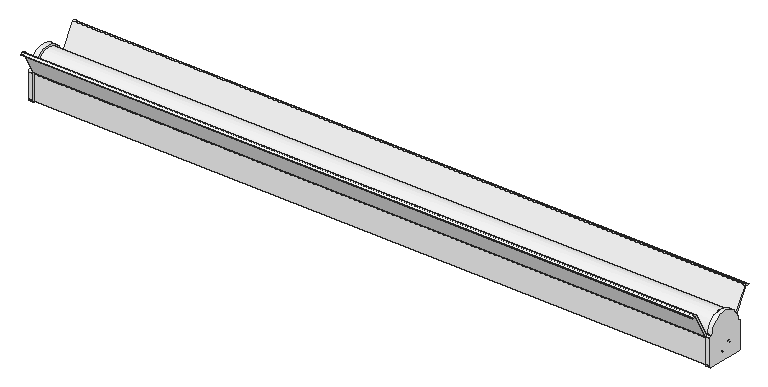
Revit family "0045178+0045233 Feilo Sylvania Lighting Fixture SYLBATTEN LED3 WW TP3 with SYMMETRIC REFLECTOR ACCESSORY 1200MM", category Lighting Fixtures, host Face, Revit 2017
Family settings
  Host = Face
  Round Connector Dimension = Use Diameter
  Part Type = Normal
  OmniClass Number = 23.80.70.00
  OmniClass Title = Lighting
  Cut with Voids When Loaded = No
  Light Source = Yes
  Shared = No
  Room Calculation Point = No
Parameters (values of type "0045178 SYLBATTEN LED3 WW TP3")
  Width_FEILO = 66 mm
  Weight = "2.57 kg"
  Wattage Comments = "n/a"
  Wattage = 26 W
  WarrantyStartDate [instance] = "n/a"
  WarrantyGuarantorParts = "n/a"
  WarrantyDurationUnit = "n/a"
  WarrantyDurationParts = "n/a"
  WarrantyDescription = "n/a"
  built-in parameter 1150110 = 1 (stored number, unit not read)
  Voltage = 230 V
  URL = "http://www.sylvania-lighting.com"
  TypeName = "SYLBATTEN LED3 WW TP3"
  Type Image = <None>
  Type Comments = "n/a"
  built-in parameter 1114217 = 1 (stored number, unit not read)
  Tilt Angle = -90.00°
  built-in parameter 1150109 = 1 (stored number, unit not read)
  built-in parameter 1150134 = (empty or 0)
  SymReflector_FEILO = yes
  built-in parameter 1150113 = 1 (stored number, unit not read)
  SerialNumber [instance] = "n/a"
  PowerFactor = 0
  PowerConsumption = "26 W"
  Photometric Web File = "0045178+0045233.ies"
  NominalLength = 1205 mm
  NominalHeight = 91 mm
  NominalDepth = 122 mm
  Name = "SYLBATTEN LED3 WW TP3"
  ModelReference = Name  # "SYLBATTEN LED3 WW TP3"
  ModelNumber = "0045178"
  Model = Name  # "SYLBATTEN LED3 WW TP3"
  Material_4_FEILO = Reflector-Sylvania-Sylbatten-White
  Material_3_FEILO = Diffuser-Sylvania-Sylbatten-Glow
  Material_2_FEILO = Body-Sylvania-Sylbatten-White
  Material_1_FEILO = Body-Sylvania-Sylbatten-White
  Material = "sheet steel housing, polycarbonate diffuser"
  ManufacturerName = "Feilo Sylvania"
  Manufacturer = "Feilo Sylvania"
  LuminousEfficacy = "94.07 lm/W"
  built-in parameter 1150105 = 194.63 (stored number, unit not read)
  Lumens = 2445.82 lm
  LuminaireType = ""
  built-in parameter 1150115 = 1 (stored number, unit not read)
  LightOutputRatio = "100"
  built-in parameter 1150137 = (empty or 0)
  built-in parameter 1150139 = (empty or 0)
  Length_FEILO = 1205 mm
  LampsType = Lamp  # "LED"
  LampNominalLuminous = "2446 lm"
  LampMacAdamStep = "n/a"
  LampColourTemperature = "3000 K"
  LampColourRenderingIndex = "80"
  built-in parameter 1150112 = 1 (stored number, unit not read)
  built-in parameter 1150114 = 1 (stored number, unit not read)
  Lamp = "LED"
  Keynote = "16500"
  InstallationDate [instance] = "n/a"
  InputVoltage = "220-240V~"
  InputNominalFrequency = "n/a"
  built-in parameter 1150132 = (empty or 0)
  built-in parameter 1150102 = (empty or 0)
  built-in parameter 1150107 = 3000 (stored number, unit not read)
  built-in parameter 1150138 = (empty or 0)
  IngressProtection = "IP20"
  ImpactProtectionIndex = "IK07"
  built-in parameter 1150106 = 1.9463 (stored number, unit not read)
  IfcExportType = "IfcLightFixtureType"
  IfcExportAs = "IfcLightFixtureType"
  Height_FEILO = 76 mm
  ExpectedLife = 50000
  Emit from Rectangle Width = Length_FEILO - 16 mm  # 1189 mm
  Emit from Rectangle Length = Width_FEILO - 40 mm  # 26 mm
  Emit Shape Visible in Rendering = no
  ElectricShockClassification = "Class I"
  built-in parameter 1150104 = 8.7394 (stored number, unit not read)
  DurationUnit = "hours"
  DocumentationLiterature = "http://www.sylvania-lighting.com/product/en-int/products/0045178"
  DimmingControlOptions = "n/a"
  Dimming Lamp Color Temperature Shift = <None>
  Description = "LED batten, T8 replacement, ease of installation through 2 part push-in design of the housing (safety cable included), through wiring capability (TP3 = 3 core), sheet steel, 2446LM, 26W, 94lm/W, 3000K, drive current: 350mA, CRI 80, 138° wide beam angle, electronic driver (non dimmable), IP20, IK07, 50,000 hrs (L70), (LxWxH) 1205x66x76mm, 5 step MacAdam ellipse, 3kg, white RAL 9016, Class 1, 220-240V, energy class: A++, A+, A."
  Default Elevation = 1219.2 mm
  CreatedOn = "1/25/2018"
  CreatedBy = ""
  Cost = 0
  Color Filter = 16777215
  built-in parameter 1114216 [instance] = (empty or 0)
  ClassificationValue = "EF_70_80"
  ClassificationName = "Uniclass2015"
  CapOffset_FEILO = 2 mm
  BarCode [instance] = "n/a"
  built-in parameter 1114218 = 1 (stored number, unit not read)
  BackReflector_FEILO = and(not(AsymReflector_FEILO), SymReflector_FEILO)  # yes
  built-in parameter 1150133 = 10 (stored number, unit not read)
  FrontReflector_FEILO = or(AsymReflector_FEILO, SymReflector_FEILO)  # yes
  AsymReflector_FEILO = no
  AssetType = "Fixed"
  AssetIdentifier [instance] = "n/a"
  Assembly Code = "D5020200"
  Apparent Load = 26 VA
Reference planes
  plane 1 "Center (Front/Back)": y = 0
  plane 2: z = 0
  plane 3 "Center (Left/Right)": x = 0
  plane 4: x = 602.5
  plane 5: x = -602.5
  plane 6: y = 33
  plane 7: y = -33
  plane 8: z = 76
  plane 9: z = 47
  plane 10: y = -29
  plane 11: y = 29
  plane 12: z = 20
  plane 13: z = 74
  plane 14: y = -31
  plane 15: y = -27
  plane 16: y = 27
  plane 17: y = 31
  plane 18: z = 2
  plane 19: x = -594.5
  plane 20: x = 594.5
  plane 21: z = 49
  plane 22: y = 1
  plane 23: y = -1
  plane 24: z = 21
  plane 25: z = 19
  plane 26: y = -61
  plane 27: y = 61
  plane 28: y = -56
  plane 29: y = 56
  plane 30: z = 91
  plane 31: z = 88
Forms (mm)
  Extrusion 1, solid, material "Body-Sylvania-Sylbatten-White" <- "Material_2_FEILO"
    sketch origin (0, 0, 0) x (0, 1, 0) y (0, 0, 1)
      loop
        line (-31, 2) -> (31, 2) -> (31, 45)
        arc (31, 45) -> (30.414, 46.414) -> (29, 47) r 2
        line (29, 47) -> (27, 47)
        arc (27, 47) -> (0, 74) -> (-27, 47) r 27
        line (-27, 47) -> (-29, 47)
        arc (-29, 47) -> (-30.414, 46.414) -> (-31, 45) r 2
        line (-31, 45) -> (-31, 2)
    from -594.5 to 594.5
  Extrusion 2, solid, material "Body-Sylvania-Sylbatten-White" <- "Material_2_FEILO"
    sketch origin (602.5, 1524, 1219.2) x (0, 1, 0) y (0, 0, 1)
      loop
        arc (-1494, -1219.2) -> (-1491.879, -1218.321) -> (-1491, -1216.2) r 3
        line (-1491, -1216.2) -> (-1491, -1173.2)
        arc (-1491, -1173.2) -> (-1491.879, -1171.079) -> (-1494, -1170.2) r 3
        line (-1494, -1170.2) -> (-1495.069, -1170.2)
        arc (-1495.069, -1170.2) -> (-1524, -1143.2) -> (-1552.931, -1170.2) r 29
        line (-1552.931, -1170.2) -> (-1554, -1170.2)
        arc (-1554, -1170.2) -> (-1556.121, -1171.079) -> (-1557, -1173.2) r 3
        line (-1557, -1173.2) -> (-1557, -1216.2)
        arc (-1557, -1216.2) -> (-1556.121, -1218.321) -> (-1554, -1219.2) r 3
        line (-1554, -1219.2) -> (-1494, -1219.2)
      loop
        arc (-1525, -1189.25) -> (-1531.071, -1192.129) -> (-1533.95, -1198.2) r 10
        line (-1533.95, -1198.2) -> (-1532.944, -1198.2)
        arc (-1532.944, -1198.2) -> (-1530.364, -1192.836) -> (-1525, -1190.256) r 9
        line (-1525, -1190.256) -> (-1525, -1189.25)
      loop
        arc (-1523, -1190.256) -> (-1517.636, -1192.836) -> (-1515.056, -1198.2) r 9
        line (-1515.056, -1198.2) -> (-1514.05, -1198.2)
        arc (-1514.05, -1198.2) -> (-1516.929, -1192.129) -> (-1523, -1189.25) r 10
        line (-1523, -1189.25) -> (-1523, -1190.256)
      loop
        line (-1532.944, -1200.2) -> (-1533.95, -1200.2)
        arc (-1533.95, -1200.2) -> (-1531.071, -1206.271) -> (-1525, -1209.15) r 10
        line (-1525, -1209.15) -> (-1525, -1208.144)
        arc (-1525, -1208.144) -> (-1530.364, -1205.564) -> (-1532.944, -1200.2) r 9
      loop
        arc (-1515.056, -1200.2) -> (-1517.636, -1205.564) -> (-1523, -1208.144) r 9
        line (-1523, -1208.144) -> (-1523, -1209.15)
        arc (-1523, -1209.15) -> (-1516.929, -1206.271) -> (-1514.05, -1200.2) r 10
        line (-1514.05, -1200.2) -> (-1515.056, -1200.2)
    from 0 to -8
  Extrusion 3, solid, material "Body-Sylvania-Sylbatten-White" <- "Material_2_FEILO"
    sketch origin (-602.5, 1524, 1219.2) x (0, 1, 0) y (0, 0, 1)
      loop
        arc (-1495.069, -1170.2) -> (-1524, -1143.2) -> (-1552.931, -1170.2) r 29
        line (-1552.931, -1170.2) -> (-1554, -1170.2)
        arc (-1554, -1170.2) -> (-1556.121, -1171.079) -> (-1557, -1173.2) r 3
        line (-1557, -1173.2) -> (-1557, -1216.2)
        arc (-1557, -1216.2) -> (-1556.121, -1218.321) -> (-1554, -1219.2) r 3
        line (-1554, -1219.2) -> (-1494, -1219.2)
        arc (-1494, -1219.2) -> (-1491.879, -1218.321) -> (-1491, -1216.2) r 3
        line (-1491, -1216.2) -> (-1491, -1173.2)
        arc (-1491, -1173.2) -> (-1491.879, -1171.079) -> (-1494, -1170.2) r 3
        line (-1494, -1170.2) -> (-1495.069, -1170.2)
      loop
        line (-1533.95, -1198.2) -> (-1532.944, -1198.2)
        arc (-1532.944, -1198.2) -> (-1530.364, -1192.836) -> (-1525, -1190.256) r 9
        line (-1525, -1190.256) -> (-1525, -1189.25)
        arc (-1525, -1189.25) -> (-1531.071, -1192.129) -> (-1533.95, -1198.2) r 10
      loop
        line (-1523, -1189.25) -> (-1523, -1190.256)
        arc (-1523, -1190.256) -> (-1517.636, -1192.836) -> (-1515.056, -1198.2) r 9
        line (-1515.056, -1198.2) -> (-1514.05, -1198.2)
        arc (-1514.05, -1198.2) -> (-1516.929, -1192.129) -> (-1523, -1189.25) r 10
      loop
        line (-1514.05, -1200.2) -> (-1515.056, -1200.2)
        arc (-1515.056, -1200.2) -> (-1517.636, -1205.564) -> (-1523, -1208.144) r 9
        line (-1523, -1208.144) -> (-1523, -1209.15)
        arc (-1523, -1209.15) -> (-1516.929, -1206.271) -> (-1514.05, -1200.2) r 10
      loop
        line (-1525, -1209.15) -> (-1525, -1208.144)
        arc (-1525, -1208.144) -> (-1530.364, -1205.564) -> (-1532.944, -1200.2) r 9
        line (-1532.944, -1200.2) -> (-1533.95, -1200.2)
        arc (-1533.95, -1200.2) -> (-1531.071, -1206.271) -> (-1525, -1209.15) r 10
    from 0 to 8
  Extrusion 4, solid, material "Reflector-Sylvania-Sylbatten-White" <- "Material_4_FEILO", visible <- "FrontReflector_FEILO"
    sketch origin (0, 0, 0) x (0, 1, 0) y (0, 0, 1)
      loop
        line (-61.257, 88.429) -> (-60.743, 87.571) -> (-56.621, 90.044)
        arc (-56.621, 90.044) -> (-56.237, 90.099) -> (-55.929, 89.863) r 0.5
        line (-55.929, 89.863) -> (-31.435, 46.753) -> (-30.565, 47.247) -> (-55.312, 90.802)
        arc (-55.312, 90.802) -> (-55.928, 91.275) -> (-56.696, 91.165) r 1
        line (-56.696, 91.165) -> (-61.257, 88.429)
    from -594.5 to 594.5
  Extrusion 5, solid, material "Reflector-Sylvania-Sylbatten-White" <- "Material_4_FEILO", visible <- "BackReflector_FEILO"
    sketch origin (0, 0, 0) x (0, 1, 0) y (0, 0, 1)
      loop
        line (30.565, 47.247) -> (31.435, 46.753) -> (55.932, 89.868)
        arc (55.932, 89.868) -> (56.245, 90.112) -> (56.638, 90.062) r 0.518
        line (56.638, 90.062) -> (61.033, 87.565) -> (61.527, 88.435) -> (56.682, 91.188)
        arc (56.682, 91.188) -> (55.922, 91.282) -> (55.318, 90.812) r 1
        line (55.318, 90.812) -> (30.565, 47.247)
    from -594.5 to 594.5
Lines and regions (mm)
  reference lines
    curve 1: line (0, -61, 88) -> (0, -56, 91)
    curve 2: line (0, -56, 91) -> (0, -31, 47)
    curve 3: line (0, 31, 47) -> (0, 56, 91)
    curve 4: line (0, 56, 91) -> (0, 61.28, 88)
Dimensions and locks
  equal spacing: plane 5, plane 3 "Center (Left/Right)", plane 4
  equal spacing: plane 7, plane 1 "Center (Front/Back)", plane 6
  "Width_FEILO": plane 7 to plane 6
  "Length_FEILO": plane 5 to plane 4
  "Height_FEILO": plane 8 to plane 2
  locked: plane 9 to plane 8 at 29
  equal spacing: plane 10, plane 1 "Center (Front/Back)", plane 11
  locked: plane 7 to plane 10 at 4
  locked: plane 12 to plane 2 at 20
  "CapOffset_FEILO": plane 13 to plane 8
  "CapOffset_FEILO": plane 7 to plane 14
  "CapOffset_FEILO": plane 10 to plane 15
  "CapOffset_FEILO": plane 17 to plane 6
  "CapOffset_FEILO": plane 16 to plane 11
  "CapOffset_FEILO": plane 18 to plane 2
  locked: plane 14 to Extrusion 1 sketch curve at 2
  locked: Extrusion 1 sketch curve to plane 9 at 2  (x2)
  locked: plane 16 to Extrusion 1 sketch curve at 2
  equal spacing: plane 19, plane 3 "Center (Left/Right)", plane 20
  locked: plane 5 to plane 19 at 8
  "CapOffset_FEILO": plane 9 to plane 21
  locked: Extrusion 2 sketch curve to plane 2 at 47
  locked: Extrusion 1 sketch curve to plane 2 at 47
  locked: Extrusion 2 sketch curve to plane 2 at 3  (x2)
  locked: plane 7 to Extrusion 2 sketch curve at 3  (x2)
  locked: Extrusion 2 sketch curve to plane 6 at 3  (x2)
  locked: Extrusion 2 sketch curve to plane 21 at 3  (x2)
  equal spacing: plane 23, plane 1 "Center (Front/Back)", plane 22
  equal spacing: plane 25, plane 12, plane 24
  plane 30 to plane 31 to plane 2 = 3 mm locked, 88 mm locked
  plane 28 to plane 29 = 112 mm
  plane 26 to plane 27 = 122 mm
  aligned and locked: plane 2 to host face
  aligned and locked: level to host face
  aligned and locked: plane 18 to Extrusion 1 sketch curve
  aligned and locked: plane 14 to Extrusion 1 sketch curve
  aligned and locked: Extrusion 1 sketch curve to plane 9  (x2)
  aligned and locked: Extrusion 1 sketch curve to plane 17
  aligned and locked: plane 15 to Extrusion 1 sketch curve
  aligned and locked: plane 16 to Extrusion 1 sketch curve
  aligned and locked: plane 9 to Extrusion 1 sketch curve
  aligned and locked: plane 20 to Extrusion 1
  aligned and locked: level to Extrusion 2 sketch curve
  aligned and locked: Extrusion 2 sketch curve to plane 7
  aligned and locked: plane 21 to Extrusion 2 sketch curve
  aligned and locked: Extrusion 2 sketch curve to plane 21
  aligned and locked: plane 1 "Center (Front/Back)" to Extrusion 2 sketch curve  (x3)
  aligned and locked: Extrusion 2 to Extrusion 1
  aligned and locked: plane 4 to Extrusion 2
  aligned and locked: plane 12 to Extrusion 2 sketch curve  (x2)
  aligned and locked: Extrusion 2 sketch curve to plane 22
  aligned and locked: Extrusion 2 sketch curve to plane 23
  aligned and locked: Extrusion 2 sketch curve to plane 24
  aligned and locked: Extrusion 2 sketch curve to plane 25
  aligned and locked: plane 25 to Extrusion 2 sketch curve
  aligned and locked: plane 22 to Extrusion 2 sketch curve
  aligned and locked: plane 24 to Extrusion 2 sketch curve
  aligned and locked: plane 23 to Extrusion 2 sketch curve  (x2)
  aligned and locked: Extrusion 3 sketch curve to Extrusion 2  (x22)
  aligned and locked: Extrusion 3 to Extrusion 1
  aligned and locked: Extrusion 3 to plane 5
  aligned and locked: plane 19 to Extrusion 3
  aligned and locked: plane 31 to curve 1
  aligned and locked: plane 30 to curve 1
  aligned and locked: plane 14 to curve 2
  aligned and locked: plane 9 to curve 2
  aligned and locked: plane 17 to curve 3
  aligned and locked: plane 30 to curve 3
  aligned and locked: plane 31 to curve 4
  aligned and locked: Extrusion 4 sketch curve to curve 2
  aligned and locked: Extrusion 4 sketch curve to curve 1
  aligned and locked: Extrusion 4 to Extrusion 1
  aligned and locked: Extrusion 1 to Extrusion 4
  aligned and locked: imposter light to plane 1 "Center (Front/Back)"
  aligned and locked: imposter light to plane 3 "Center (Left/Right)"
  aligned and locked: imposter light to plane 13
  aligned and locked: Extrusion 5 sketch curve to curve 4
  aligned and locked: Extrusion 5 sketch curve to curve 3
  aligned and locked: Extrusion 1 to Extrusion 5
  aligned and locked: Extrusion 5 to Extrusion 1
Automatic sketch dimensions
  host sketch curve to host sketch curve = 2438.4 mm  (x2)
  Extrusion 2 sketch curve to Extrusion 2 sketch curve = 0 mm  (x14)
  Extrusion 2 sketch curve to plane 10 = 0.069 mm
  plane 23 to Extrusion 2 sketch curve = 8.95 mm
  Extrusion 2 sketch curve to Extrusion 2 sketch curve = 1.006 mm  (x4)
  Extrusion 2 sketch curve to plane 22 = 7.944 mm
  curve 1 to plane 26 = 0 mm
  curve 2 to plane 28 = 0 mm
  curve 4 to plane 29 = 0 mm
  plane 9 to curve 3 = 0 mm
  plane 26 to Extrusion 4 sketch curve = 0.257 mm
  Extrusion 4 sketch curve to plane 26 = 0.257 mm
  Extrusion 4 sketch curve to plane 30 = 0.165 mm
  plane 28 to Extrusion 4 sketch curve = 0.696 mm
  plane 28 to Extrusion 4 sketch curve = 0.621 mm
  plane 28 to Extrusion 4 sketch curve = 0.364 mm
  plane 28 to Extrusion 4 sketch curve = 0.182 mm
  Extrusion 4 sketch curve to plane 28 = 0.071 mm
  plane 30 to Extrusion 4 sketch curve = 0.198 mm
  Extrusion 4 sketch curve to plane 28 = 0.688 mm
  plane 9 to Extrusion 4 sketch curve = 0.247 mm
  plane 1 "Center (Front/Back)" to Extrusion 4 sketch curve = 31.435 mm
  Extrusion 5 sketch curve to plane 9 = 0.247 mm
  Extrusion 5 sketch curve to plane 1 "Center (Front/Back)" = 30.565 mm
  plane 9 to Extrusion 5 sketch curve = 0.247 mm
  plane 30 to Extrusion 5 sketch curve = 0.188 mm
  plane 29 to Extrusion 5 sketch curve = 0.068 mm
  Extrusion 5 sketch curve to plane 29 = 0.188 mm
  Extrusion 5 sketch curve to plane 29 = 0.382 mm
  Extrusion 5 sketch curve to Extrusion 5 sketch curve = 0.256 mm
  Extrusion 5 sketch curve to plane 30 = 0.188 mm
  Extrusion 5 sketch curve to plane 29 = 0.682 mm
  Extrusion 5 sketch curve to plane 27 = 0.033 mm
  Extrusion 5 sketch curve to plane 27 = 0.527 mm
Connectors
  electrical at (0, 0, 0), driven by "Apparent Load", driven by "PowerFactor", driven by "Voltage"
    settings: index 1, voltage 230 V, apparent load 26 VA, apparent load phase1 0 VA, apparent load phase2 0 VA, apparent load phase3 0 VA, power factor 0, load classification "Lighting", number of poles 1, system type 30, power factor state 1, is connector primary yes, connector utility no, sub classification motor no, connector description ""
